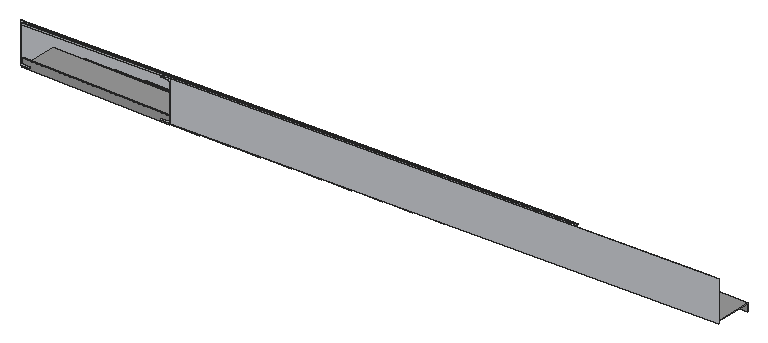
Revit family "钢楼梯", category 常规模型, Revit 2016
Family settings
  零件类型 = 标准
  可将钢筋附着到主体 = 否
  圆形连接件大小 = 使用直径
  基于工作平面 = 否
  总是垂直 = 是
  加载时剪切的空心 = 否
  共享 = 否
  房间计算点 = 否
Parameters
  长度 = (数量 - 1) * 250 mm  # 4500 mm
  数量 = 19
  垂直偏移 = -tan(坡度) * 长度 * 1  # -3150.934 mm
  坡度 = 35.00°
  L1 = 373 mm
Reference planes
  plane 1 "中心(前/后)": y = 0
  plane 2: z = 0
  plane 3 "中心(左/右)": x = 0
  plane 4: through (4267.2, 0, 0) normal (0, -0.5736, -0.8192)
  plane 5: y = -4873
  plane 6: y = -373
  plane 7: z = 173
Forms (mm)
  SweptBlend 1, solid
    path origin (0, 0, 0) x (0, 1, 0) y (0, 0, 1)
      loop
        line (-373, 165) -> (-4873, 165)
    profile "c : c" origin (0, -373, 165) x (0, 0, -1) y (1, 0, 0)
      loop
        arc (-250.146, 478.021) -> (-246.914, 484.425) -> (-240.221, 487.003) r 9.975
        line (-240.221, 487.003) -> (-21.809, 487.003)
        arc (-21.809, 487.003) -> (-15.116, 484.425) -> (-11.884, 478.021) r 9.975
        line (-11.884, 478.021) -> (-7.646, 435.637)
        arc (-7.646, 435.637) -> (-6.03, 432.435) -> (-2.683, 431.146) r 4.987
        line (-2.683, 431.146) -> (-0.015, 431.146) -> (-0.015, 493.986) -> (-262.015, 493.986) -> (-262.015, 431.146) -> (-259.347, 431.146)
        arc (-259.347, 431.146) -> (-256, 432.435) -> (-254.384, 435.637) r 4.987
        line (-254.384, 435.637) -> (-250.146, 478.021)
    end profile "c : c" origin (0, -4873, 165) x (0, 0, -1) y (1, 0, 0)
      loop
        arc (-3401.08, 478.021) -> (-3397.848, 484.425) -> (-3391.155, 487.003) r 9.975
        line (-3391.155, 487.003) -> (-3172.743, 487.003)
        arc (-3172.743, 487.003) -> (-3166.05, 484.425) -> (-3162.818, 478.021) r 9.975
        line (-3162.818, 478.021) -> (-3158.58, 435.637)
        arc (-3158.58, 435.637) -> (-3156.964, 432.435) -> (-3153.617, 431.146) r 4.987
        line (-3153.617, 431.146) -> (-3150.949, 431.146) -> (-3150.949, 493.986) -> (-3412.949, 493.986) -> (-3412.949, 431.146) -> (-3410.281, 431.146)
        arc (-3410.281, 431.146) -> (-3406.934, 432.435) -> (-3405.318, 435.637) r 4.987
        line (-3405.318, 435.637) -> (-3401.08, 478.021)
  SweptBlend 2, solid
    path origin (-862.197, 0, 0) x (0, 1, 0) y (0, 0, 1)
      loop
        line (-373, 165) -> (-4873, 165)
    profile "c : c" origin (-862.197, -373, 165) x (0, 0, -1) y (1, 0, 0)
      loop
        line (-250.146, 384.179) -> (-254.384, 426.563)
        arc (-254.384, 426.563) -> (-256, 429.765) -> (-259.347, 431.054) r 4.987
        line (-259.347, 431.054) -> (-262.015, 431.054) -> (-262.015, 368.214) -> (-0.015, 368.214) -> (-0.015, 431.054) -> (-2.683, 431.054)
        arc (-2.683, 431.054) -> (-6.03, 429.765) -> (-7.646, 426.563) r 4.987
        line (-7.646, 426.563) -> (-11.884, 384.179)
        arc (-11.884, 384.179) -> (-15.116, 377.775) -> (-21.809, 375.197) r 9.975
        line (-21.809, 375.197) -> (-240.221, 375.197)
        arc (-240.221, 375.197) -> (-246.914, 377.775) -> (-250.146, 384.179) r 9.975
    end profile "c : c" origin (-862.197, -4873, 165) x (0, 0, -1) y (1, 0, 0)
      loop
        line (-3401.08, 384.179) -> (-3405.318, 426.563)
        arc (-3405.318, 426.563) -> (-3406.934, 429.765) -> (-3410.281, 431.054) r 4.987
        line (-3410.281, 431.054) -> (-3412.949, 431.054) -> (-3412.949, 368.214) -> (-3150.949, 368.214) -> (-3150.949, 431.054) -> (-3153.617, 431.054)
        arc (-3153.617, 431.054) -> (-3156.964, 429.765) -> (-3158.58, 426.563) r 4.987
        line (-3158.58, 426.563) -> (-3162.818, 384.179)
        arc (-3162.818, 384.179) -> (-3166.05, 377.775) -> (-3172.743, 375.197) r 9.975
        line (-3172.743, 375.197) -> (-3391.155, 375.197)
        arc (-3391.155, 375.197) -> (-3397.848, 377.775) -> (-3401.08, 384.179) r 9.975
Dimensions and locks
  equal spacing: group 1, group 2, group 3, group 4, group 5, group 6, group 7, group 8, group 9, group 10, group 11, group 12, group 13, group 14, group 15, group 16, group 17, group 18, group 19  (x2)
  equal spacing: group 19, group 18, group 17, group 16, group 15, group 14, group 13, group 12, group 11, group 10, group 9, group 8, group 7, group 6, group 5, group 4, group 3, group 2, group 1
  "长度": plane 5 to plane 6
  "L1": plane 6 to plane 1 "中心(前/后)"
  "坡度": angle plane 4 to plane 2
  aligned and locked: level to plane 2
Automatic sketch dimensions
  SweptBlend 1 sketch curve to plane 5 = 0 mm
  SweptBlend 1 sketch curve to plane 6 = 0 mm
  SweptBlend 1 sketch curve to plane 7 = 8 mm
  SweptBlend 2 sketch curve to plane 5 = 0 mm
  SweptBlend 2 sketch curve to plane 6 = 0 mm
  SweptBlend 2 sketch curve to plane 7 = 8 mm
Nested families
  nested 1: "钢板踏步" at (0, -373, 170), type "钢板踏步"
    with L 974 mm
  nested 2: "钢板踏步" at (0, -623, 344.367), type "钢板踏步"
    with L 974 mm
  nested 3: "钢板踏步" at (0, -873, 518.734), type "钢板踏步"
    with L 974 mm
  nested 4: "钢板踏步" at (0, -1123, 693.102), type "钢板踏步"
    with L 974 mm
  nested 5: "钢板踏步" at (0, -1373, 867.469), type "钢板踏步"
    with L 974 mm
  nested 6: "钢板踏步" at (0, -1623, 1041.836), type "钢板踏步"
    with L 974 mm
  nested 7: "钢板踏步" at (0, -1873, 1216.203), type "钢板踏步"
    with L 974 mm
  nested 8: "钢板踏步" at (0, -2123, 1390.571), type "钢板踏步"
    with L 974 mm
  nested 9: "钢板踏步" at (0, -2373, 1564.938), type "钢板踏步"
    with L 974 mm
  nested 10: "钢板踏步" at (0, -2623, 1739.305), type "钢板踏步"
    with L 974 mm
  nested 11: "钢板踏步" at (0, -2873, 1913.672), type "钢板踏步"
    with L 974 mm
  nested 12: "钢板踏步" at (0, -3123, 2088.04), type "钢板踏步"
    with L 974 mm
  nested 13: "钢板踏步" at (0, -3373, 2262.407), type "钢板踏步"
    with L 974 mm
  nested 14: "钢板踏步" at (0, -3623, 2436.774), type "钢板踏步"
    with L 974 mm
  nested 15: "钢板踏步" at (0, -3873, 2611.141), type "钢板踏步"
    with L 974 mm
  nested 16: "钢板踏步" at (0, -4123, 2785.509), type "钢板踏步"
    with L 974 mm
  nested 17: "钢板踏步" at (0, -4373, 2959.876), type "钢板踏步"
    with L 974 mm
  nested 18: "钢板踏步" at (0, -4623, 3134.243), type "钢板踏步"
    with L 974 mm
  nested 19: "钢板踏步" at (0, -4873, 3308.61), type "钢板踏步"
    with L 974 mm
Definition of nested family "钢板踏步"
  Parameters (values of type "钢板踏步")
    钢板踏步 = none
    L [instance] = 974 mm
  Reference planes
    plane 1 "中心(前/后)": y = 0
    plane 2: z = 0
    plane 3 "中心(左/右)": x = 0
    plane 4: z = 53
    plane 5: y = 3
    plane 6: z = 3
    plane 7: y = 253
    plane 8: y = 250
    plane 9: z = -47
    plane 10: x = -487
    plane 11: x = 487
  Forms (mm)
    Extrusion 1, solid, material <- "钢板踏步"
      sketch origin (0, 0, 0) x (0, 1, 0) y (0, 0, 1)
        loop
          line (0, 0) -> (250, 0) -> (250, -47) -> (253, -47) -> (253, 3) -> (3, 3) -> (3, 53) -> (0, 53) -> (0, 0)
      from -487 to 487
  Dimensions and locks
    plane 1 "中心(前/后)" to plane 5 to plane 7 = 3 mm, 250 mm
    plane 4 to plane 6 = 50 mm
    plane 6 to plane 9 = 50 mm
    equal spacing: plane 11, plane 3 "中心(左/右)", plane 10
    "L": plane 11 to plane 10
    level to Extrusion 1 = 47 mm
    aligned and locked: level to plane 2
    aligned and locked: plane 11 to Extrusion 1
    aligned and locked: Extrusion 1 to plane 10
  Automatic sketch dimensions
    Extrusion 1 sketch curve to level = 0 mm
    Extrusion 1 sketch curve to plane 1 "中心(前/后)" = 0 mm
    Extrusion 1 sketch curve to plane 5 = 0 mm
    Extrusion 1 sketch curve to plane 8 = 0 mm
    Extrusion 1 sketch curve to plane 6 = 0 mm
    Extrusion 1 sketch curve to plane 7 = 0 mm
    Extrusion 1 sketch curve to plane 9 = 0 mm
    Extrusion 1 sketch curve to plane 4 = 0 mm
